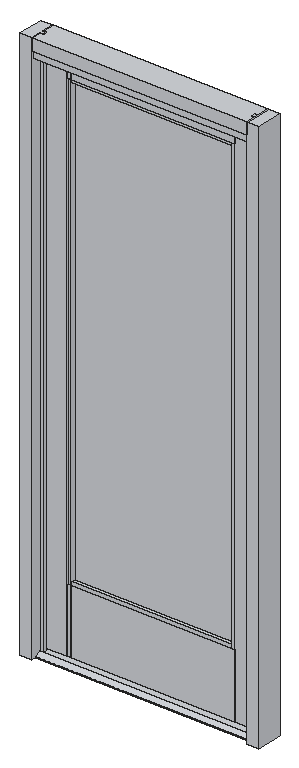
Revit family
Parameters (values of type "36"x84"")
  Thickness = 0' - 0"
  Rough Width = 0' - 0"
  Rough Height = 7' - 1 7/8"
  Panel Width = Width - 0' 3 5/8"  # 2' - 8 3/8"
  Panel Height = Height - 0' 1 7/8"  # 6' - 10 1/8"
  Model = "MS362"
  Manufacturer = "ARCADIA"
  Frame Projection Ext. = 0' - 1"
  Frame Projection Int. = 0' - 1"
  Frame Width = 0' - 3"
  Height = 7' - 0"
  Wall Closure = (empty or 0)
  Width = 3' - 0"
  Description = "OFFSET"
  Assembly Code = ""
Types (3): name | Rough Height | Panel Width | Panel Height | Model | Manufacturer | Height | Width | Description
  36"x84" | 7' - 1 7/8" | 2' - 8 3/8" | 6' - 10 1/8" | "MS362" | "ARCADIA" | 7' - 0" | 3' - 0" | "OFFSET"
  36"x96" | 7' - 1 7/8" | 2' - 8 3/8" | 7' - 10 1/8" | "" | "" | 8' - 0" | 3' - 0" | ""
  42"x96" | 0' - 0" | 3' - 2 3/8" | 7' - 10 1/8" | "" | "" | 8' - 0" | 3' - 6" | ""
Reference planes (in)
  plane 1 "Center (Front/Back)": y = 0
  plane 2 "Center (Left/Right)": x = 0
  plane 3 "Left": x = -18
  plane 4 "Right": x = 18
  plane 5 "Top": z = 84
  plane 6 "Exterior": y = 3
  plane 7 "Interior": y = -3
  plane 8: x = 16.18578
  plane 9: x = -16.1875
  plane 10: x = 16.25
  plane 11: x = -16.25
  plane 12: z = 82.125
  plane 13: y = 2
  plane 14: y = -2
Forms (in)
  Extrusion 1, solid, detail levels coarse+fine
    sketch origin (0, 1.125, 0) x (1, 0, 0) y (0, 1, 0)
      loop
        line (16.25, 0.875) -> (16.25, -0.99356) -> (15.75013, -0.99356) -> (15.75013, -1.49356) -> (16.25, -1.49356) -> (16.25, -3.125) -> (18, -3.125) -> (18, 0.875) -> (16.25, 0.875)
    from 0 to 84
  Extrusion 2, solid, detail levels coarse+fine
    sketch origin (0, 1.125, 0) x (-1, 0, 0) y (0, -1, 0)
      loop
        line (16.25, -0.875) -> (18, -0.875) -> (18, 3.125) -> (16.25, 3.125) -> (16.25, 1.49356) -> (15.75013, 1.49356) -> (15.75013, 0.99357) -> (16.25, 0.99357) -> (16.25, -0.875)
    from 0 to 84
  Extrusion 3, solid
    sketch origin (0, 1.125, 0) x (0, 1, 0) y (0, 0, 1)
      loop
        line (-3.125, 82.25) -> (-2.93761, 82.25) -> (-2.93761, 81.24991) -> (-0.93761, 81.24991) -> (-0.93761, 82.25) -> (0.875, 82.25) -> (0.875, 84) -> (-3.125, 84) -> (-3.125, 82.25)
    from -16.25 to 16.25
  Extrusion 4, solid
    sketch origin (0, -1, 0) x (0, 1, 0) y (0, 0, 1)
      loop
        line (2.90632, 0.5) -> (0.40632, 0.5) -> (-0.34846, 0.13485) -> (-0.34846, 0) -> (3.65154, 0) -> (3.65154, 0.13948) -> (2.90632, 0.5)
    from -16.1875 to 16.25
  Extrusion 5, solid, detail levels medium
    sketch origin (0, 0, 0) x (0, 1, 0) y (0, 0, 1)
      loop
        line (2, 84) -> (-2, 84) -> (-2, 82.25) -> (-1.81261, 82.25) -> (-1.81261, 81.24991) -> (0.18739, 81.24991) -> (0.18739, 82.25) -> (2, 82.25) -> (2, 84)
      loop
        line (1.91, 83.91) -> (-1.91, 83.91) -> (-1.91, 82.34) -> (1.91, 82.34) -> (1.91, 83.91)
      loop
        line (-1.74761, 81.31491) -> (0.12239, 81.31491) -> (0.12239, 82.25) -> (-1.74761, 82.25) -> (-1.74761, 81.31491)
    from -16.25 to 16.25
  Extrusion 6, solid, detail levels medium
    sketch origin (0, 0, 0) x (1, 0, 0) y (0, 1, 0)
      loop
        line (-16.25, 2) -> (-18, 2) -> (-18, -2) -> (-16.25, -2) -> (-16.25, -0.36856) -> (-15.75013, -0.36856) -> (-15.75013, 0.13144) -> (-16.25, 0.13144) -> (-16.25, 2)
      loop
        line (-16.34375, 1.90625) -> (-17.90625, 1.90625) -> (-17.90625, -1.90625) -> (-16.34375, -1.90625) -> (-16.34375, -0.27481) -> (-15.84388, -0.27481) -> (-15.84388, 0.03769) -> (-16.34375, 0.03769) -> (-16.34375, 1.90625)
    from 0 to 84
  Extrusion 7, solid, detail levels medium
    sketch origin (0, 0, 0) x (-1, 0, 0) y (0, -1, 0)
      loop
        line (-16.25, -2) -> (-16.25, -0.13144) -> (-15.75013, -0.13144) -> (-15.75013, 0.36856) -> (-16.25, 0.36856) -> (-16.25, 2) -> (-18, 2) -> (-18, -2) -> (-16.25, -2)
      loop
        line (-16.34375, -1.90625) -> (-16.34375, -0.03769) -> (-15.84388, -0.03769) -> (-15.84388, 0.27481) -> (-16.34375, 0.27481) -> (-16.34375, 1.90625) -> (-17.90625, 1.90625) -> (-17.90625, -1.90625) -> (-16.34375, -1.90625)
    from 0 to 84
Lines and regions (in)
  Opening 1
    outline origin (-90, -3, 0) x (1, 0, 0) y (0, 0, 1)
      loop
        line (72, 0) -> (108, 0) -> (108, 84) -> (72, 84) -> (72, 0)
  symbolic lines, style "Elevation Swing"
    curve 1: line (16.18578, 3, 0) -> (-16.1875, 3, 42)
    curve 2: line (-16.1875, 3, 42) -> (16.18578, 3, 82.125)
  symbolic lines
    curve 3: line (-18, -2, 0) -> (-16.25, -2, 0)
    curve 4: line (-16.25, -2, 0) -> (-16.25, -0.36856, 0)
    curve 5: line (14.5, 31.78125, 0) -> (14.5, 34.27647, 0)
    curve 6: arc (14.5, 34.27647, 0) -> (14.52737, 34.3444, 0) -> (14.5942, 34.37436, 0) r 0.09795
    curve 7: line (14.5942, 34.37436, 0) -> (16.25, 34.4379, 0)
    curve 8: line (16.25, 34.4379, 0) -> (16.25, 31.78125, 0)
    curve 18: line (18, -2, 0) -> (16.25, -2, 0)
    curve 19: line (16.25, -2, 0) -> (16.25, -0.36856, 0)
    curve 20: line (16.25, 0.13144, 0) -> (16.25, 2, 0)
    curve 21: line (16.25, 2, 0) -> (18, 2, 0)
    curve 22: line (14.5, 4.71875, 0) -> (14.5, 2.22353, 0)
    curve 23: arc (14.5, 2.22353, 0) -> (14.52737, 2.1556, 0) -> (14.5942, 2.12564, 0) r 0.09795
    curve 24: line (14.5942, 2.12564, 0) -> (16.25, 2.0621, 0)
    curve 25: line (16.25, 2.0621, 0) -> (16.25, 4.71875, 0)
    curve 35: line (16.25, 31.78125, 0) -> (16.25, 4.71875, 0)
    curve 36: line (14.5, 4.71875, 0) -> (14.5, 31.78125, 0)
    curve 37: line (-16.25, 2, 0) -> (-16.25, 0.13144, 0)
    curve 38: line (-18, 2, 0) -> (-16.25, 2, 0)
    curve 39: line (-16.25, 0.13144, 0) -> (-15.75013, 0.13144, 0)
    curve 40: line (-15.75013, 0.13144, 0) -> (-15.75013, -0.36856, 0)
    curve 41: line (-15.75013, -0.36856, 0) -> (-16.25, -0.36856, 0)
    curve 42: line (-16.25, -2, 0) -> (-18, -2, 0)
    curve 43: line (18, -2, 0) -> (16.25, -2, 0)
    curve 44: line (16.25, -2, 0) -> (16.25, -0.36856, 0)
    curve 45: line (16.25, -0.36856, 0) -> (15.75013, -0.36856, 0)
    curve 46: line (15.75013, -0.36856, 0) -> (15.75013, 0.13144, 0)
    curve 47: line (15.75013, 0.13144, 0) -> (16.25, 0.13144, 0)
    curve 48: line (16.25, 2, 0) -> (18, 2, 0)
    curve 49: arc (16.25, 34.4379, 0) -> (-6.68706, 24.93706, 0) -> (-16.1879, 2, 0) r 32.4379
  symbolic lines, detail levels medium+fine
    curve 9: line (16.18859, 31.78125, 0) -> (16.18859, 31.28125, 0)
    curve 10: line (16.18859, 31.28125, 0) -> (15.51974, 31.28125, 0)
    curve 11: line (14.5736, 31.28125, 0) -> (14.5736, 31.78125, 0)
    curve 12: line (15.25, 4.88917, 0) -> (15.25, 31.61083, 0)
    curve 13: line (15.51974, 31.61083, 0) -> (15.51974, 4.88917, 0)
    curve 14: line (14.5736, 31.78125, 0) -> (14.5, 31.78125, 0)
    curve 15: line (16.25, 31.78125, 0) -> (16.18859, 31.78125, 0)
    curve 16: line (15.25, 31.28125, 0) -> (14.5736, 31.28125, 0)
    curve 17: line (15.25, 31.61083, 0) -> (15.51974, 31.61083, 0)
    curve 26: line (16.18859, 4.71875, 0) -> (16.18859, 5.21875, 0)
    curve 27: line (16.18859, 5.21875, 0) -> (15.51974, 5.21875, 0)
    curve 28: line (14.5736, 5.21875, 0) -> (14.5736, 4.71875, 0)
    curve 29: line (14.5736, 4.71875, 0) -> (14.5, 4.71875, 0)
    curve 30: line (16.25, 4.71875, 0) -> (16.18859, 4.71875, 0)
    curve 31: line (15.25, 5.21875, 0) -> (14.5736, 5.21875, 0)
    curve 32: line (15.25, 4.88917, 0) -> (15.51974, 4.88917, 0)
    curve 33: line (16.18859, 31.78125, 0) -> (16.18859, 4.71875, 0)
    curve 34: line (14.5736, 4.71875, 0) -> (14.5736, 31.78125, 0)
  symbolic lines, detail levels medium
    curve 50: line (15.15625, 5.125, 0) -> (14.66735, 5.125, 0)
    curve 51: line (14.66735, 5.125, 0) -> (14.66735, 4.625, 0)
    curve 52: line (15.15625, 4.79542, 0) -> (15.61349, 4.79542, 0)
    curve 53: line (15.61349, 5.125, 0) -> (15.61349, 4.79542, 0)
    curve 54: line (15.15625, 4.79542, 0) -> (15.15625, 5.125, 0)
    curve 55: line (14.59375, 4.625, 0) -> (14.59375, 2.21948, 0)
    curve 56: line (14.59375, 2.21948, 0) -> (16.15625, 2.15952, 0)
    curve 57: line (16.15625, 2.15952, 0) -> (16.15625, 4.625, 0)
    curve 58: line (16.15625, 4.625, 0) -> (16.09484, 4.625, 0)
    curve 59: line (16.09484, 4.625, 0) -> (16.09484, 5.125, 0)
    curve 60: line (16.09484, 5.125, 0) -> (15.61349, 5.125, 0)
    curve 61: line (14.59375, 4.625, 0) -> (14.66735, 4.625, 0)
    curve 62: line (15.15625, 31.375, 0) -> (14.66735, 31.375, 0)
    curve 63: line (14.66735, 31.375, 0) -> (14.66735, 31.875, 0)
    curve 64: line (15.15625, 31.70458, 0) -> (15.61349, 31.70458, 0)
    curve 65: line (15.61349, 31.375, 0) -> (15.61349, 31.70458, 0)
    curve 66: line (15.15625, 31.70458, 0) -> (15.15625, 31.375, 0)
    curve 67: line (14.59375, 31.875, 0) -> (14.59375, 34.28052, 0)
    curve 68: line (14.59375, 34.28052, 0) -> (16.15625, 34.34048, 0)
    curve 69: line (16.15625, 34.34048, 0) -> (16.15625, 31.875, 0)
    curve 70: line (16.15625, 31.875, 0) -> (16.09484, 31.875, 0)
    curve 71: line (16.09484, 31.875, 0) -> (16.09484, 31.375, 0)
    curve 72: line (16.09484, 31.375, 0) -> (15.61349, 31.375, 0)
    curve 73: line (14.59375, 31.875, 0) -> (14.66735, 31.875, 0)
    curve 74: line (16.34375, 1.90625, 0) -> (17.90625, 1.90625, 0)
    curve 75: line (16.34375, 0.03769, 0) -> (16.34375, 1.90625, 0)
    curve 76: line (15.84388, 0.03769, 0) -> (16.34375, 0.03769, 0)
    curve 77: line (15.84388, -0.27481, 0) -> (15.84388, 0.03769, 0)
    curve 78: line (16.34375, -0.27481, 0) -> (15.84388, -0.27481, 0)
    curve 79: line (16.34375, -1.90625, 0) -> (16.34375, -0.27481, 0)
    curve 80: line (17.90625, -1.90625, 0) -> (16.34375, -1.90625, 0)
    curve 81: line (17.90625, 1.90625, 0) -> (17.90625, -1.90625, 0)
    curve 82: line (-17.90625, -1.90625, 0) -> (-17.90625, 1.90625, 0)
    curve 83: line (-17.90625, 1.90625, 0) -> (-16.34375, 1.90625, 0)
    curve 84: line (-16.34375, 1.90625, 0) -> (-16.34375, 0.03769, 0)
    curve 85: line (-16.34375, 0.03769, 0) -> (-15.84388, 0.03769, 0)
    curve 86: line (-15.84388, 0.03769, 0) -> (-15.84388, -0.27481, 0)
    curve 87: line (-15.84388, -0.27481, 0) -> (-16.34375, -0.27481, 0)
    curve 88: line (-16.34375, -0.27481, 0) -> (-16.34375, -1.90625, 0)
    curve 89: line (-16.34375, -1.90625, 0) -> (-17.90625, -1.90625, 0)
  symbolic lines, detail levels fine
    curve 90: line (-12.51734, 1.25445, 0) -> (12.51734, 1.25445, 0)
    curve 91: line (-12.51734, 1, 0) -> (-12.51734, 1.25445, 0)
    curve 92: line (12.51734, 1, 0) -> (-12.51734, 1, 0)
    curve 93: line (12.51734, 1.25445, 0) -> (12.51734, 1, 0)
Text (in)
  text "Exterior" at (-74.96733, 27.31104, 0), in view "Ref. Level"
  text "Interior" at (-74.96733, -25.14366, 0), in view "Ref. Level"
  text "Exterior" at (0, 40.15149, 123.01588), in view "Right"
  text "Interior" at (0, -64.39139, 123.01588), in view "Right"
  text "Interior" at (0, -31.01599, 123.00693), in view "Left"
  text "Exterior" at (0, 54.57065, 123.00693), in view "Left"
Dimensions and locks (in)
  equal spacing: plane 3 "Left", plane 2 "Center (Left/Right)", plane 4 "Right"
  "Height": level to plane 5 "Top"
  "Width": plane 3 "Left" to plane 4 "Right"
  equal spacing: host wall, curve 2, plane 5 "Top"
  plane 8 to plane 4 "Right" = 0' - 1.81422"
  plane 3 "Left" to plane 9 = 0' - 1 13/16"
  locked: Extrusion 1 to plane 14 at 4
  locked: Extrusion 2 to plane 14 at 4
  locked: plane 10 to plane 4 "Right" at 1.75
  locked: plane 3 "Left" to plane 11 at 1.75
  plane 12 to plane 5 "Top" = 0' - 1 7/8"
  equal spacing: Extrusion 2, host wall, Extrusion 2
  locked: Extrusion 4 to plane 13 at 0.65154
  equal spacing: plane 6 "Exterior", Extrusion 4 sketch curve, Extrusion 4 sketch curve, Extrusion 4 sketch curve, Extrusion 4 sketch curve, plane 7 "Interior"
  locked: plane 6 "Exterior" to Extrusion 4 at 0.34846
  host wall to Extrusion 5 to Extrusion 5 = 0' - 1.81261" locked, 0' - 0.18739" locked
  locked: Extrusion 5 to Extrusion 5 at 4
  locked: curve 27 to Extrusion 7 at 3.21875
  locked: Extrusion 2 to Extrusion 4 (angle 25.8167°)
  aligned and locked: plane 3 "Left" to Opening 1 sketch curve
  aligned and locked: plane 5 "Top" to Opening 1 sketch curve  (x2)
  aligned and locked: Opening 1 sketch curve to plane 4 "Right"
  aligned and locked: Opening 1 sketch curve to level
  aligned and locked: plane 6 "Exterior" to host wall
  aligned and locked: plane 7 "Interior" to host wall
  aligned and locked: Extrusion 1 to level
  aligned and locked: Extrusion 1 to plane 5 "Top"
  aligned and locked: plane 3 "Left" to Extrusion 2
  aligned and locked: Extrusion 1 to plane 4 "Right"
  aligned and locked: Extrusion 2 to plane 5 "Top"
  aligned and locked: Extrusion 2 to level
  aligned and locked: plane 10 to Extrusion 3
  aligned and locked: Extrusion 3 to plane 11
  aligned and locked: Extrusion 1 to plane 10
  aligned and locked: plane 11 to Extrusion 2
  aligned and locked: plane 9 to curve 1
  aligned and locked: plane 8 to curve 2
  aligned and locked: plane 12 to curve 2
  aligned and locked: plane 8 to curve 1
  aligned and locked: plane 9 to Extrusion 4
  aligned and locked: plane 13 to Extrusion 1
  aligned and locked: plane 13 to Extrusion 3
  aligned and locked: Extrusion 2 to Extrusion 3  (x2)
  aligned and locked: plane 13 to Extrusion 2
  aligned and locked: curve 3 to Extrusion 2
  aligned and locked: curve 4 to Extrusion 2
  aligned and locked: curve 18 to Extrusion 1
  aligned and locked: Extrusion 1 to curve 19
  aligned and locked: curve 21 to Extrusion 1
  aligned and locked: nested 1 to nested 1
  aligned and locked: curve 20 to Extrusion 1
  aligned and locked: curve 37 to Extrusion 2
  aligned and locked: curve 38 to plane 13
  aligned and locked: Extrusion 4 to Extrusion 1
  aligned and locked: curve 47 to Extrusion 1
  aligned and locked: curve 45 to Extrusion 1
  aligned and locked: curve 49 to nested 1
  aligned and locked: curve 42 to Extrusion 2
  aligned and locked: plane 13 to Extrusion 5
  aligned and locked: Extrusion 5 to Extrusion 3
  aligned and locked: Extrusion 2 to Extrusion 5  (x2)
  aligned and locked: Extrusion 6 sketch curve to Extrusion 2  (x8)
  aligned and locked: Extrusion 6 to level
  aligned and locked: Extrusion 6 to plane 5 "Top"
  aligned and locked: Extrusion 7 to plane 4 "Right"
  aligned and locked: Extrusion 7 to plane 5 "Top"
  aligned and locked: Extrusion 7 to plane 14
  aligned and locked: Extrusion 6 to plane 14
  aligned and locked: Extrusion 1 to plane 14
  aligned and locked: curve 81 to Extrusion 7
  aligned and locked: Extrusion 7 to import instance
  aligned and locked: import instance to level  (x2)
  aligned and locked: plane 10 to Extrusion 5
  aligned and locked: Extrusion 5 to plane 11
  aligned and locked: import instance to plane 4 "Right"
  aligned and locked: plane 14 to import instance
  aligned and locked: import instance to plane 3 "Left"
  aligned and locked: import instance to plane 14
  aligned and locked: plane 13 to import instance
  aligned and locked: plane 5 "Top" to import instance
  aligned and locked: import instance to plane 13
  aligned and locked: nested 1 to curve 90
  aligned and locked: curve 90 to nested 1
  aligned and locked: curve 93 to nested 1  (x2)
Automatic sketch dimensions
  curve 1 to level = 0' - 0"
  Extrusion 1 sketch curve to plane 10 = 0' - 0"  (x2)
  Extrusion 1 sketch curve to plane 4 "Right" = 0' - 0"
  Extrusion 1 sketch curve to plane 13 = 0' - 0"
  plane 8 to Extrusion 1 sketch curve = 0' - 0.43565"
  Extrusion 1 sketch curve to host wall = 0' - 0.13144"
  host wall to Extrusion 1 sketch curve = 0' - 0.36856"
  Extrusion 1 sketch curve to host wall = 0' - 1"
  Extrusion 2 sketch curve to plane 11 = 0' - 0"  (x2)
  Extrusion 2 sketch curve to plane 3 "Left" = 0' - 0"
  Extrusion 2 sketch curve to plane 13 = 0' - 0"
  plane 9 to Extrusion 2 sketch curve = 0' - 0.43737"
  host wall to Extrusion 2 sketch curve = 0' - 0.13144"
  Extrusion 2 sketch curve to host wall = 0' - 0.36856"
  host wall to Extrusion 2 sketch curve = 0' - 1"
  Extrusion 3 sketch curve to plane 5 "Top" = 0' - 0"
  Extrusion 3 sketch curve to plane 13 = 0' - 0"
  Extrusion 3 sketch curve to host wall = 0' - 0.18739"
  Extrusion 3 sketch curve to host wall = 0' - 1.18739"
  Extrusion 3 sketch curve to host wall = 0' - 1"
  plane 12 to Extrusion 3 sketch curve = 0' - 0 1/8"  (x2)
  Extrusion 3 sketch curve to plane 12 = 0' - 0.87509"
  Extrusion 4 sketch curve to level = 0' - 0"
  host wall to Extrusion 4 sketch curve = 0' - 1.34846"
  host wall to Extrusion 4 sketch curve = 0' - 0.59368"
  Extrusion 4 sketch curve to plane 13 = 0' - 0.09368"
  level to Extrusion 4 sketch curve = 0' - 0.13948"
  Extrusion 4 sketch curve to host wall = 0' - 0.34846"
  Extrusion 4 sketch curve to Extrusion 4 sketch curve = 0' - 0.13485"
  level to Extrusion 4 sketch curve = 0' - 0 1/2"
  Extrusion 5 sketch curve to plane 5 "Top" = 0' - 0"
  Extrusion 5 sketch curve to plane 13 = 0' - 0"
  Extrusion 5 sketch curve to plane 13 = 0' - 0.09"
  Extrusion 5 sketch curve to host wall = 0' - 0.18739"
  Extrusion 5 sketch curve to Extrusion 5 sketch curve = 0' - 0.065"  (x3)
  plane 12 to Extrusion 5 sketch curve = 0' - 0 1/8"  (x2)
  Extrusion 5 sketch curve to host wall = 0' - 1.25239"
  plane 5 "Top" to Extrusion 5 sketch curve = 0' - 0.09"
  Extrusion 5 sketch curve to host wall = 0' - 1.09"
  Extrusion 5 sketch curve to Extrusion 5 sketch curve = 0' - 0.09"  (x2)
  Extrusion 5 sketch curve to Extrusion 5 sketch curve = 0' - 0"
  Extrusion 5 sketch curve to plane 12 = 0' - 0.81009"
  Extrusion 6 sketch curve to plane 3 "Left" = 0' - 0 3/32"
  Extrusion 6 sketch curve to plane 11 = 0' - 0 3/32"  (x2)
  Extrusion 6 sketch curve to host wall = 0' - 0.03769"
  Extrusion 6 sketch curve to Extrusion 6 sketch curve = 0' - 0 3/32"  (x3)
  Extrusion 6 sketch curve to plane 13 = 0' - 0 3/32"
  Extrusion 7 sketch curve to plane 4 "Right" = 0' - 0"
  Extrusion 7 sketch curve to plane 10 = 0' - 0"  (x2)
  Extrusion 7 sketch curve to plane 13 = 0' - 0"
  Extrusion 7 sketch curve to plane 4 "Right" = 0' - 0 3/32"
  plane 10 to Extrusion 7 sketch curve = 0' - 0 3/32"  (x2)
  host wall to Extrusion 7 sketch curve = 0' - 0.03768"
  Extrusion 7 sketch curve to plane 8 = 0' - 0.3419"
  Extrusion 7 sketch curve to Extrusion 7 sketch curve = 0' - 0 3/32"  (x3)
  Extrusion 7 sketch curve to host wall = 0' - 0.27481"
  host wall to Extrusion 7 sketch curve = 0' - 1 3/32"
  host wall to Extrusion 7 sketch curve = 0' - 0.13144"
  plane 13 to Extrusion 7 sketch curve = 0' - 0 3/32"
  curve 38 to plane 3 "Left" = 0' - 0"
  curve 42 to plane 3 "Left" = 0' - 0"
  curve 25 to plane 10 = 0' - 0"
  curve 43 to plane 4 "Right" = 0' - 0"
  curve 48 to plane 4 "Right" = 0' - 0"
  curve 82 to plane 3 "Left" = 0' - 0 3/32"
  curve 84 to host wall = 0' - 0.03769"
  curve 84 to plane 11 = 0' - 0 3/32"
  curve 87 to plane 11 = 0' - 0 3/32"
  plane 9 to curve 49 = 0' - 0.0004"
  curve 85 to plane 9 = 0' - 0.34362"
  curve 85 to curve 40 = 0' - 0 3/32"
  plane 8 to curve 14 = 0' - 1.68578"
  curve 22 to curve 31 = 0' - 0.0736"
  plane 13 to curve 56 = 0' - 0.21948"
  curve 22 to curve 56 = 0' - 0 3/32"
  curve 11 to curve 67 = 0' - 0.02015"
  curve 67 to curve 6 = 0' - 0.00045"
  curve 55 to curve 23 = 0' - 0.00045"
  curve 67 to curve 6 = 0' - 0.0042"
  curve 55 to curve 23 = 0' - 0.0042"
  curve 11 to curve 63 = 0' - 0 3/32"
  curve 55 to curve 61 = 0' - 0.0736"
  curve 51 to curve 52 = 0' - 0.4889"
  curve 63 to curve 66 = 0' - 0.4889"
  curve 64 to curve 12 = 0' - 0 3/32"
  curve 31 to curve 27 = 0' - 0.26974"
  curve 10 to curve 72 = 0' - 0 3/32"
  curve 13 to curve 52 = 0' - 0 3/32"
  plane 8 to curve 46 = 0' - 0.43565"
  curve 76 to host wall = 0' - 0.03769"
  curve 46 to curve 76 = 0' - 0 3/32"
  plane 8 to curve 58 = 0' - 0.09095"
  plane 8 to curve 72 = 0' - 0.09095"
  plane 8 to curve 69 = 0' - 0.02953"
  plane 8 to curve 56 = 0' - 0.02953"
  curve 33 to plane 8 = 0' - 0.0028"
  curve 75 to plane 10 = 0' - 0 3/32"
  curve 80 to plane 10 = 0' - 0 3/32"
  plane 14 to curve 79 = 0' - 0 3/32"
  plane 14 to curve 88 = 0' - 0 3/32"
  host wall to curve 41 = 0' - 0.36856"
  curve 19 to curve 79 = 0' - 0 3/32"
  curve 4 to curve 87 = 0' - 0 3/32"
  curve 39 to host wall = 0' - 0.13144"
  curve 83 to plane 13 = 0' - 0 3/32"
  curve 74 to plane 13 = 0' - 0 3/32"
  curve 20 to curve 25 = 0' - 0.0621"
  curve 24 to curve 55 = 0' - 0.09384"
  curve 24 to curve 56 = 0' - 0.09742"
  curve 57 to curve 26 = 0' - 0 19/32"
  curve 61 to curve 27 = 0' - 0 19/32"
  curve 57 to curve 30 = 0' - 0 3/32"
  curve 55 to curve 29 = 0' - 0 3/32"
  curve 51 to curve 54 = 0' - 0.17042"
  curve 52 to curve 12 = 0' - 0 3/32"
  curve 60 to curve 27 = 0' - 0 3/32"
  curve 28 to curve 51 = 0' - 0 13/32"
  curve 50 to curve 31 = 0' - 0 3/32"
  curve 16 to curve 7 = 0' - 3.15665"
  curve 9 to curve 16 = 0' - 0"
  curve 16 to curve 66 = 0' - 0 3/32"
  curve 9 to curve 71 = 0' - 0 3/32"
  curve 65 to curve 13 = 0' - 0.23583"
  curve 13 to curve 64 = 0' - 0 3/32"
  curve 71 to curve 15 = 0' - 0 13/32"
  curve 62 to curve 14 = 0' - 0 13/32"
  curve 9 to curve 70 = 0' - 0 3/32"
  curve 11 to curve 67 = 0' - 0 3/32"
  curve 6 to curve 49 = 0' - 0.16142"
  curve 6 to curve 68 = 0' - 0.00405"
  curve 68 to curve 7 = 0' - 0.09742"
Nested families (in)
  nested 1: "Door-Arcadia-MS362-Panel" at (0, 1.125, 0) x (-1, 0, 0) z (0, 0, 1), type "Door-Arcadia-MS362-Panel"
    with Panel Width 2' - 8 3/8", Panel Height 6' - 10 1/8"
Definition of nested family "Door-Arcadia-MS362-Panel"
  Parameters (values of type "Door-Arcadia-MS362-Panel")
    Stile Width = 0' - 3 1/2"
    Stile Head = 0' - 3 3/4"
    Panel Width = 3' - 2 3/8"
    Panel Height = 7' - 10 1/8"
    Kick Plate = 0' - 9 13/16"
    Assembly Code = ""
  Reference planes (in)
    plane 1 "Center (Front/Back)": y = 0
    plane 2: z = 0.6875
    plane 3 "Center (Left/Right)": x = 0
    plane 4 "Panel - Left": x = -19.1875
    plane 5 "Panel - Right": x = 19.1875
    plane 6 "Panel - Top": z = 94.125
    plane 7 "Stile - Right": x = 15.6875
    plane 8 "Panel - Bottom": z = 0.6875
    plane 9 "Glazing - Right": x = 15.51734
    plane 10 "Glazing - Bottom": z = 10.5
    plane 11 "Glazing - Top": z = 90.68761
    plane 12 "Stile - Top": z = 90.375
    plane 13 "Stile - Left": x = -15.6875
    plane 14 "Glazing - Left": x = -15.51734
  Forms (in)
    Extrusion 1, solid
      sketch origin (-0.14524, 0, 0) x (1, 0, 0) y (0, 1, 0)
        loop
          line (15.83274, 0.875) -> (15.83274, 0.81359) -> (15.33274, 0.81359) -> (15.33274, -0.8014) -> (15.83274, -0.8014) -> (15.83274, -0.875) -> (19.17172, -0.875)
          arc (19.17172, -0.875) -> (19.23964, -0.84763) -> (19.2696, -0.7808) r 0.09795
          line (19.2696, -0.7808) -> (19.33314, 0.875) -> (15.83274, 0.875)
      from 0.6875 to 94.125
    Extrusion 2, solid
      sketch origin (0, 0, 0) x (0, 1, 0) y (0, 0, 1)
        loop
          line (0.875, 94.125) -> (-0.875, 94.125) -> (-0.875, 90.87511) -> (-0.8014, 90.87511) -> (-0.8014, 90.375) -> (0.81359, 90.375) -> (0.81359, 90.87511) -> (0.875, 90.87511) -> (0.875, 94.125)
      from -15.6875 to 15.6875
    Extrusion 3, solid
      sketch origin (0, 0, 0) x (0, 1, 0) y (0, 0, 1)
        loop
          line (0.81359, 10.9245) -> (-0.8014, 10.9245) -> (-0.8014, 10.42452) -> (-0.875, 10.42452) -> (-0.875, 0.6875) -> (0.875, 0.6875) -> (0.875, 10.42452) -> (0.81359, 10.42452) -> (0.81359, 10.9245)
      from -15.6875 to 15.6875
    Extrusion 4, solid
      sketch origin (0, 0, 0) x (1, 0, 0) y (0, 1, 0)
        loop
          line (15.51734, -0.125) -> (15.51734, 0.12945) -> (-15.51734, 0.12945) -> (-15.51734, -0.125) -> (15.51734, -0.125)
      from 10.5 to 90.68761
    Extrusion 5, solid, detail levels medium
      sketch origin (0, -1.125, 0) x (0, 1, 0) y (0, 0, 1)
        loop
          line (1.93859, 90.375) -> (1.93859, 90.87511) -> (2, 90.87511) -> (2, 94.125) -> (0.25, 94.125) -> (0.25, 90.87511) -> (0.3236, 90.87511) -> (0.3236, 90.375) -> (0.8616, 90.375) -> (0.8616, 90.985) -> (1.40059, 90.985) -> (1.40059, 90.375) -> (1.93859, 90.375)
        loop
          line (1.84484, 90.46875) -> (1.84484, 90.96886) -> (1.90625, 90.96886) -> (1.90625, 94.03125) -> (0.34375, 94.03125) -> (0.34375, 90.96886) -> (0.41735, 90.96886) -> (0.41735, 90.46875) -> (0.76785, 90.46875) -> (0.76785, 91.07875) -> (1.49434, 91.07875) -> (1.49434, 90.46875) -> (1.84484, 90.46875)
      from -15.6875 to 15.6875
    Extrusion 6, solid, detail levels medium
      sketch origin (0, -1.125, 0) x (0, 1, 0) y (0, 0, 1)
        loop
          line (0.3236, 10.9245) -> (0.3236, 10.42452) -> (0.25, 10.42452) -> (0.25, 0.6875) -> (2, 0.6875) -> (2, 10.42452) -> (1.93859, 10.42452) -> (1.93859, 10.9245) -> (1.40059, 10.9245) -> (1.40059, 10.31578) -> (0.8616, 10.31578) -> (0.8616, 10.9245) -> (0.3236, 10.9245)
        loop
          line (1.49434, 10.83075) -> (1.49434, 10.22203) -> (0.76785, 10.22203) -> (0.76785, 10.83075) -> (0.41735, 10.83075) -> (0.41735, 10.33077) -> (0.34375, 10.33077) -> (0.34375, 0.78125) -> (1.90625, 0.78125) -> (1.90625, 10.33077) -> (1.84484, 10.33077) -> (1.84484, 10.83075) -> (1.49434, 10.83075)
      from -15.6875 to 15.6875
    Extrusion 7, solid
      sketch origin (0.14524, 0, 0) x (-1, 0, 0) y (0, -1, 0)
        loop
          line (15.83274, -0.875) -> (19.33314, -0.875) -> (19.2696, 0.7808)
          arc (19.2696, 0.7808) -> (19.23964, 0.84763) -> (19.17172, 0.875) r 0.09795
          line (19.17172, 0.875) -> (15.83274, 0.875) -> (15.83274, 0.8014) -> (15.33274, 0.8014) -> (15.33274, -0.81359) -> (15.83274, -0.81359) -> (15.83274, -0.875)
      from 0.6875 to 94.125
    Extrusion 8, solid, detail levels medium
      sketch origin (-4.78671, -0.03054, 0) x (1, 0, 0) y (0, 1, 0)
        loop
          line (19.97421, -0.77085) -> (20.47447, -0.77085) -> (20.47447, -0.84446) -> (23.80686, -0.84446)
          arc (23.80686, -0.84446) -> (23.87934, -0.81525) -> (23.91131, -0.74394) r 0.10452
          line (23.91131, -0.74394) -> (23.97461, 0.90554) -> (20.47447, 0.90554) -> (20.47447, 0.84413) -> (19.97421, 0.84413) -> (19.97421, 0.30613) -> (20.58447, 0.30613) -> (20.58447, -0.23285) -> (19.97421, -0.23285) -> (19.97421, -0.77085)
        loop
          line (20.06809, -0.6771) -> (20.56822, -0.6771) -> (20.56822, -0.75071) -> (23.81723, -0.75071) -> (23.87719, 0.81179) -> (20.56822, 0.81179) -> (20.56822, 0.75038) -> (20.06822, 0.75038) -> (20.06822, 0.39988) -> (20.67822, 0.39988) -> (20.67822, -0.3266) -> (20.06809, -0.3266) -> (20.06809, -0.6771)
      from 0.6875 to 94.125
    Extrusion 9, solid, detail levels medium
      sketch origin (4.78671, -0.03054, 0) x (-1, 0, 0) y (0, -1, 0)
        loop
          line (19.97421, 0.77085) -> (19.97421, 0.23285) -> (20.58447, 0.23285) -> (20.58447, -0.30613) -> (19.97421, -0.30613) -> (19.97421, -0.84413) -> (20.47447, -0.84413) -> (20.47447, -0.90554) -> (23.97461, -0.90554) -> (23.91131, 0.74394)
          arc (23.91131, 0.74394) -> (23.87934, 0.81525) -> (23.80686, 0.84446) r 0.10452
          line (23.80686, 0.84446) -> (20.47447, 0.84446) -> (20.47447, 0.77085) -> (19.97421, 0.77085)
        loop
          line (20.06809, 0.6771) -> (20.06809, 0.3266) -> (20.67822, 0.3266) -> (20.67822, -0.39988) -> (20.06822, -0.39988) -> (20.06822, -0.75038) -> (20.56822, -0.75038) -> (20.56822, -0.81179) -> (23.87719, -0.81179) -> (23.81723, 0.75071) -> (20.56822, 0.75071) -> (20.56822, 0.6771) -> (20.06809, 0.6771)
      from 0.6875 to 94.125
  Dimensions and locks (in)
    plane 2 to level = 0' - 0 11/16"
    "Panel Height": plane 6 "Panel - Top" to level
    "Stile Head": plane 6 "Panel - Top" to plane 12 "Stile - Top"
    locked: plane 11 "Glazing - Top" to plane 12 "Stile - Top" at 0.31261
    locked: Extrusion 1 sketch curve to Extrusion 1 sketch curve at 0.5
    equal spacing: plane 4 "Panel - Left", plane 3 "Center (Left/Right)", plane 5 "Panel - Right"
    "Panel Width": plane 4 "Panel - Left" to plane 5 "Panel - Right"
    "Kick Plate": plane 10 "Glazing - Bottom" to plane 2
    "Stile Width": plane 7 "Stile - Right" to plane 5 "Panel - Right"
    locked: plane 9 "Glazing - Right" to plane 7 "Stile - Right" at 0.17016
    locked: Extrusion 1 to plane 7 "Stile - Right" at 0.5
    locked: Extrusion 7 sketch curve to Extrusion 7 sketch curve at 0.5
    locked: plane 14 "Glazing - Left" to plane 13 "Stile - Left" at 0.17016
    locked: Extrusion 7 to plane 13 "Stile - Left" at 0.5
    "Stile Width": plane 4 "Panel - Left" to plane 13 "Stile - Left"
    Extrusion 4 sketch curve to plane 1 "Center (Front/Back)" to Extrusion 4 sketch curve = 0' - 0.12945" locked, 0' - 0 1/8" locked
    aligned and locked: plane 6 "Panel - Top" to Extrusion 1
    aligned and locked: Extrusion 1 to plane 2
    aligned and locked: plane 7 "Stile - Right" to Extrusion 2
    aligned and locked: plane 8 "Panel - Bottom" to Extrusion 1
    aligned and locked: Extrusion 4 to plane 10 "Glazing - Bottom"
    aligned and locked: plane 11 "Glazing - Top" to Extrusion 4
    aligned and locked: plane 6 "Panel - Top" to Extrusion 5
    aligned and locked: Extrusion 5 to plane 12 "Stile - Top"  (x2)
    aligned and locked: Extrusion 6 to Extrusion 3
    aligned and locked: Extrusion 3 to Extrusion 6  (x2)
    aligned and locked: Extrusion 1 to plane 7 "Stile - Right"  (x2)
    aligned and locked: plane 9 "Glazing - Right" to Extrusion 4
    aligned and locked: plane 7 "Stile - Right" to Extrusion 3
    aligned and locked: plane 7 "Stile - Right" to Extrusion 6
    aligned and locked: plane 13 "Stile - Left" to Extrusion 7  (x2)
    aligned and locked: Extrusion 6 to plane 13 "Stile - Left"
    aligned and locked: plane 14 "Glazing - Left" to Extrusion 4
    aligned and locked: Extrusion 8 to Extrusion 1
    aligned and locked: Extrusion 1 to Extrusion 8  (x2)
    aligned and locked: Extrusion 1 to Extrusion 6
    aligned and locked: Extrusion 6 to Extrusion 1
    aligned and locked: Extrusion 8 to plane 2
    aligned and locked: plane 6 "Panel - Top" to Extrusion 8
    aligned and locked: Extrusion 7 to Extrusion 9  (x2)
    aligned and locked: Extrusion 9 to Extrusion 7
    aligned and locked: plane 13 "Stile - Left" to Extrusion 2
    aligned and locked: plane 13 "Stile - Left" to Extrusion 5
    aligned and locked: plane 7 "Stile - Right" to Extrusion 5
    aligned and locked: plane 6 "Panel - Top" to Extrusion 9
    aligned and locked: Extrusion 9 to plane 6 "Panel - Top"  (x2)
    aligned and locked: Extrusion 8 to plane 6 "Panel - Top"  (x3)
    aligned and locked: Extrusion 1 to plane 6 "Panel - Top"
    aligned and locked: plane 6 "Panel - Top" to Extrusion 7
  Automatic sketch dimensions
    Extrusion 1 sketch curve to plane 7 "Stile - Right" = 0' - 0"  (x2)
    Extrusion 1 sketch curve to plane 5 "Panel - Right" = 0' - 0.16103"
    Extrusion 1 sketch curve to plane 5 "Panel - Right" = 0' - 0.06314"
    plane 5 "Panel - Right" to Extrusion 1 sketch curve = 0' - 0.0004"
    plane 1 "Center (Front/Back)" to Extrusion 1 sketch curve = 0' - 0 7/8"
    Extrusion 1 sketch curve to Extrusion 1 sketch curve = 0' - 0.0736"
    Extrusion 1 sketch curve to Extrusion 1 sketch curve = 0' - 0.0942"
    Extrusion 1 sketch curve to plane 1 "Center (Front/Back)" = 0' - 0.81359"
    Extrusion 1 sketch curve to Extrusion 1 sketch curve = 0' - 0.06141"
    Extrusion 2 sketch curve to plane 6 "Panel - Top" = 0' - 0"
    Extrusion 2 sketch curve to plane 12 "Stile - Top" = 0' - 0"
    plane 1 "Center (Front/Back)" to Extrusion 2 sketch curve = 0' - 0 7/8"
    Extrusion 2 sketch curve to Extrusion 2 sketch curve = 0' - 0.0736"
    Extrusion 2 sketch curve to plane 1 "Center (Front/Back)" = 0' - 0.81359"
    Extrusion 2 sketch curve to Extrusion 2 sketch curve = 0' - 0.06141"
    plane 11 "Glazing - Top" to Extrusion 2 sketch curve = 0' - 0 3/16"  (x2)
    Extrusion 3 sketch curve to plane 2 = 0' - 0"
    Extrusion 3 sketch curve to plane 10 "Glazing - Bottom" = 0' - 0.07548"  (x2)
    plane 1 "Center (Front/Back)" to Extrusion 3 sketch curve = 0' - 0 7/8"
    Extrusion 3 sketch curve to Extrusion 3 sketch curve = 0' - 0.0736"
    Extrusion 3 sketch curve to plane 1 "Center (Front/Back)" = 0' - 0.81359"
    Extrusion 3 sketch curve to Extrusion 3 sketch curve = 0' - 0.06141"
    plane 10 "Glazing - Bottom" to Extrusion 3 sketch curve = 0' - 0.4245"
    Extrusion 4 sketch curve to plane 14 "Glazing - Left" = 0' - 0"
    Extrusion 4 sketch curve to plane 9 "Glazing - Right" = 0' - 0"
    Extrusion 5 sketch curve to plane 6 "Panel - Top" = 0' - 0"
    Extrusion 5 sketch curve to plane 12 "Stile - Top" = 0' - 0"  (x2)
    plane 11 "Glazing - Top" to Extrusion 5 sketch curve = 0' - 0 3/16"  (x2)
    plane 1 "Center (Front/Back)" to Extrusion 5 sketch curve = 0' - 0 7/8"
    Extrusion 5 sketch curve to Extrusion 5 sketch curve = 0' - 0.0736"
    Extrusion 5 sketch curve to Extrusion 5 sketch curve = 0' - 0 3/32"  (x9)
    plane 1 "Center (Front/Back)" to Extrusion 5 sketch curve = 0' - 0.35715"
    Extrusion 5 sketch curve to plane 1 "Center (Front/Back)" = 0' - 0.27559"
    plane 12 "Stile - Top" to Extrusion 5 sketch curve = 0' - 0 3/32"  (x2)
    Extrusion 5 sketch curve to Extrusion 5 sketch curve = 0' - 0.3505"
    Extrusion 5 sketch curve to Extrusion 5 sketch curve = 0' - 0.06141"
    plane 11 "Glazing - Top" to Extrusion 5 sketch curve = 0' - 0.29739"
    Extrusion 5 sketch curve to plane 6 "Panel - Top" = 0' - 0 3/32"
    Extrusion 6 sketch curve to plane 2 = 0' - 0"
    plane 1 "Center (Front/Back)" to Extrusion 6 sketch curve = 0' - 0 7/8"
    Extrusion 6 sketch curve to Extrusion 6 sketch curve = 0' - 0.0736"  (x2)
    Extrusion 6 sketch curve to Extrusion 6 sketch curve = 0' - 0 3/32"  (x7)
    Extrusion 6 sketch curve to Extrusion 6 sketch curve = 0' - 0.3505"  (x2)
    Extrusion 6 sketch curve to plane 1 "Center (Front/Back)" = 0' - 0.27559"
    plane 2 to Extrusion 6 sketch curve = 0' - 0 3/32"
    Extrusion 6 sketch curve to plane 1 "Center (Front/Back)" = 0' - 0 25/32"
    Extrusion 6 sketch curve to Extrusion 6 sketch curve = 0' - 0.03234"
    Extrusion 6 sketch curve to plane 10 "Glazing - Bottom" = 0' - 0.27797"
    Extrusion 6 sketch curve to plane 10 "Glazing - Bottom" = 0' - 0.16923"  (x2)
    Extrusion 6 sketch curve to plane 10 "Glazing - Bottom" = 0' - 0.07548"  (x2)
    plane 10 "Glazing - Bottom" to Extrusion 6 sketch curve = 0' - 0.33075"  (x2)
    Extrusion 7 sketch curve to plane 13 "Stile - Left" = 0' - 0"  (x2)
    Extrusion 7 sketch curve to plane 4 "Panel - Left" = 0' - 0.16103"
    Extrusion 7 sketch curve to plane 4 "Panel - Left" = 0' - 0.06314"
    plane 4 "Panel - Left" to Extrusion 7 sketch curve = 0' - 0.0004"
    Extrusion 7 sketch curve to plane 1 "Center (Front/Back)" = 0' - 0 7/8"
    Extrusion 7 sketch curve to Extrusion 7 sketch curve = 0' - 0.0736"
    Extrusion 7 sketch curve to Extrusion 7 sketch curve = 0' - 0.0942"
    plane 1 "Center (Front/Back)" to Extrusion 7 sketch curve = 0' - 0.81359"
    Extrusion 7 sketch curve to Extrusion 7 sketch curve = 0' - 0.06141"
    Extrusion 8 sketch curve to plane 9 "Glazing - Right" = 0' - 0.32984"  (x2)
    Extrusion 8 sketch curve to Extrusion 8 sketch curve = 0' - 0.09388"
    Extrusion 8 sketch curve to Extrusion 8 sketch curve = 0' - 0.09401"
    plane 7 "Stile - Right" to Extrusion 8 sketch curve = 0' - 0.00026"  (x2)
    plane 7 "Stile - Right" to Extrusion 8 sketch curve = 0' - 0.09401"  (x2)
    plane 7 "Stile - Right" to Extrusion 8 sketch curve = 0' - 0.11026"
    Extrusion 8 sketch curve to Extrusion 8 sketch curve = 0' - 0 3/32"  (x5)
    Extrusion 8 sketch curve to plane 5 "Panel - Right" = 0' - 0.16735"
    Extrusion 8 sketch curve to Extrusion 8 sketch curve = 0' - 0.01037"
    Extrusion 8 sketch curve to plane 5 "Panel - Right" = 0' - 0.09702"
    Extrusion 8 sketch curve to plane 5 "Panel - Right" = 0' - 0.0629"
    plane 5 "Panel - Right" to Extrusion 8 sketch curve = 0' - 0.0004"
    plane 1 "Center (Front/Back)" to Extrusion 8 sketch curve = 0' - 0 7/8"
    Extrusion 8 sketch curve to Extrusion 8 sketch curve = 0' - 0.0736"  (x2)
    Extrusion 8 sketch curve to Extrusion 8 sketch curve = 0' - 0.00677"
    Extrusion 8 sketch curve to Extrusion 8 sketch curve = 0' - 0.3505"  (x2)
    Extrusion 8 sketch curve to plane 1 "Center (Front/Back)" = 0' - 0.27559"
    Extrusion 8 sketch curve to plane 1 "Center (Front/Back)" = 0' - 0 25/32"
    Extrusion 8 sketch curve to Extrusion 8 sketch curve = 0' - 0.03234"
    plane 14 "Glazing - Left" to Extrusion 9 sketch curve = 0' - 0.32984"  (x2)
    Extrusion 9 sketch curve to Extrusion 9 sketch curve = 0' - 0.09388"
    Extrusion 9 sketch curve to Extrusion 9 sketch curve = 0' - 0.09401"
    Extrusion 9 sketch curve to plane 13 "Stile - Left" = 0' - 0.00026"  (x2)
    Extrusion 9 sketch curve to plane 13 "Stile - Left" = 0' - 0.09401"  (x2)
    Extrusion 9 sketch curve to plane 13 "Stile - Left" = 0' - 0.11026"
    Extrusion 9 sketch curve to Extrusion 9 sketch curve = 0' - 0 3/32"  (x5)
    Extrusion 9 sketch curve to plane 4 "Panel - Left" = 0' - 0.16735"
    Extrusion 9 sketch curve to Extrusion 9 sketch curve = 0' - 0.01037"
    Extrusion 9 sketch curve to plane 4 "Panel - Left" = 0' - 0.09702"
    Extrusion 9 sketch curve to plane 4 "Panel - Left" = 0' - 0.0629"
    plane 4 "Panel - Left" to Extrusion 9 sketch curve = 0' - 0.0004"
    Extrusion 9 sketch curve to plane 1 "Center (Front/Back)" = 0' - 0 7/8"
    Extrusion 9 sketch curve to Extrusion 9 sketch curve = 0' - 0.0736"  (x2)
    Extrusion 9 sketch curve to Extrusion 9 sketch curve = 0' - 0.00677"
    Extrusion 9 sketch curve to Extrusion 9 sketch curve = 0' - 0.3505"  (x2)
    plane 1 "Center (Front/Back)" to Extrusion 9 sketch curve = 0' - 0.27559"
    plane 1 "Center (Front/Back)" to Extrusion 9 sketch curve = 0' - 0 25/32"
    Extrusion 9 sketch curve to Extrusion 9 sketch curve = 0' - 0.03234"
